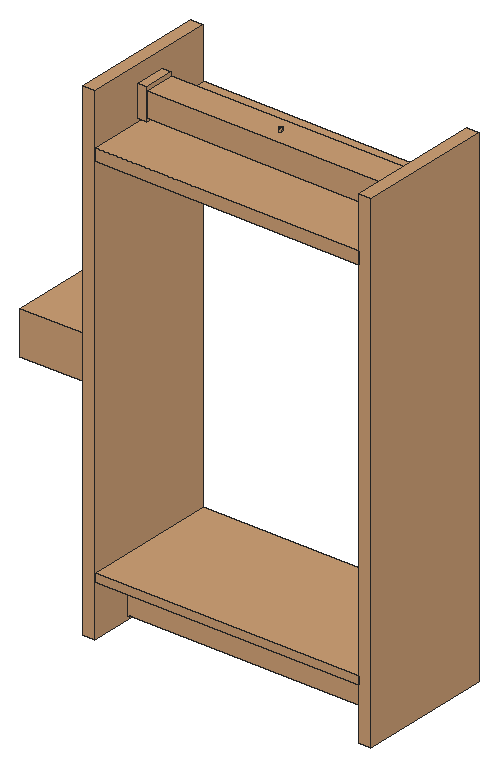
Revit family
Parameters
  Center of Unit = 0' - 0"  # constant formula
  Total Heating Capacity [instance] = 0.0 Btu/h
  Series = "VIFB"
  Outlet Area = 17.90 SF
  Lower Frame Thickness = if(Headers Height = 0' 3", 0' 1 1/4", if(Headers Height = 0' 3 1/4", 0' 1 1/4", 0' 0"))  # 0' - 1 1/4"
  Water Pressure Drop [instance] = 0.00 psi
  Water Flow [instance] = 0 GPM
  Unit Weight (lbs) = 614
  URL = "http://www.ljwing.com/"
  Water Outlet Radius = 0' - 1 1/2"
  Headers Height = if(M = 0' 1", 0' 3", if(M = 0' 1 1/2", 0' 3 1/4", 0' 0"))  # 0' - 3"
  Number of Rows = 2  # constant formula
  Number of Coils [instance] = 0
  Nominal Length = 3' - 10 7/8"
  N = 1' - 0 3/4"
  Model = "VD-4W"
  Manufacturer = "LJ Wing"
  M = 0' - 1"
  Leaving Water Temperature [instance] = 0 °F
  Leaving Air Temperature [instance] = 0 °F
  Entering Water Temperature [instance] = 0 °F
  Entering Air Temperature [instance] = 0 °F
  Description = "Vertical Integral Face & Bypass Water Heating Coils"
  Hot Water Inlet  Radius = 0' - 1 1/2"
  Coil Face Area = Outlet Area * 0.56  # 10.024 SF
  Casing Material = ""
  Assembly Code = "D3020300"
  Air Vent Radius = 0' - 0 1/4"
  Air Pressure Drop [instance] = 0.00 in-wg
  Air Inlet Width = Nominal Length - 0' 4"  # 3' - 6 7/8"
  Air Inlet Height = Y  # 5' - 0"
  Air Flow [instance] = 0 CFM
  Y = 5' - 0"
  S = 0' - 9 3/4"  # constant formula
  Product URL = "http://www.ljwing.com/html/vifb.asp"
  OmniClass = "23-75 70 21 14 "
  Nominal Height = 6' - 8"
  Nominal Depth = 1' - 10"
  R = 0' - 10 1/4"  # constant formula
  Q = 0' - 5 7/16"
Reference planes (in)
  plane 1 "Center (Front/Back)": y = 0
  plane 2: z = -30
  plane 3 "Center (Left/Right)": x = 0
  plane 4: z = 40.25
  plane 5: x = -23.4375
  plane 6: x = 23.4375
  plane 7: z = -39.75
  plane 8: z = 0
  plane 9: y = -11
  plane 10: y = 11
  plane 11: z = 30
  plane 12: z = 32
  plane 13: z = -31.25
  plane 14: x = 21.4375
  plane 15: x = -21.4375
  plane 16: x = -18
  plane 17: x = 18
  plane 18: y = 14.0625
  plane 19: x = -34.4375
  plane 20: z = 37.125
  plane 21: z = 33.125
  plane 22: y = -2.5
  plane 23: y = 2.5
  plane 24: y = -4.5
  plane 25: z = -37.375
  plane 26: x = -10.6875
  plane 27: x = 10.6875
  plane 28: z = -33.375
Forms (in)
  Extrusion 1, solid, material "Painted Finish"
    sketch origin (0, 6, -9.75) x (1, 0, 0) y (0, 0, 1)
      loop
        line (-23.4375, -30) -> (-21.4375, -30) -> (-21.4375, 50) -> (-23.4375, 50) -> (-23.4375, -30)
      loop
        line (23.4375, -30) -> (23.4375, 50) -> (21.4375, 50) -> (21.4375, -30) -> (23.4375, -30)
    from -5 to 17
  Extrusion 2, solid, material "Painted Finish"
    sketch origin (0, 6, 0) x (1, 0, 0) y (0, 0, 1)
      loop
        line (21.4375, -30) -> (-21.4375, -30) -> (-21.4375, -31.25) -> (21.4375, -31.25) -> (21.4375, -30)
      loop
        line (21.4375, 30) -> (21.4375, 32) -> (-21.4375, 32) -> (-21.4375, 30) -> (21.4375, 30)
    from -5 to 17
  Extrusion 3, solid, material "Painted Finish"
    sketch origin (0, 10, -0.5) x (1, 0, 0) y (0, 0, 1)
      loop
        line (-23.4375, 4) -> (-34.4375, 4) -> (-34.4375, -3) -> (-23.4375, -3) -> (-23.4375, 4)
    from 0 to 20
  Extrusion 4, solid, material "Painted Finish"
    sketch origin (0, 6, 0) x (1, 0, 0) y (0, 0, 1)
      loop
        line (-19.8125, 37.125) -> (-19.8125, 33.125) -> (19.8125, 33.125) -> (19.8125, 37.125) -> (-19.8125, 37.125)
    from 3.5 to 8.5
  Extrusion 5, solid, material "Painted Finish"
    sketch origin (0, 0, 0) x (1, 0, 0) y (0, 0, 1)
      loop
        line (-19.8125, 32.625) -> (-19.8125, 37.625) -> (-21.4375, 37.625) -> (-21.4375, 32.625) -> (-19.8125, 32.625)
      loop
        line (21.4375, 32.625) -> (21.4375, 37.625) -> (19.8125, 37.625) -> (19.8125, 32.625) -> (21.4375, 32.625)
    from -2.5 to 2.5
  Extrusion 6, solid, material "Painted Finish"
    sketch origin (0, 6, 0) x (1, 0, 0) y (0, 0, 1)
      loop
        line (-20.9375, -31.875) -> (-20.9375, -31.625) -> (-21.4375, -31.625) -> (-21.4375, -35.125) -> (-20.9375, -35.125) -> (-20.9375, -34.875) -> (20.9375, -34.875) -> (20.9375, -35.125) -> (21.4375, -35.125) -> (21.4375, -31.625) -> (20.9375, -31.625) -> (20.9375, -31.875) -> (-20.9375, -31.875)
      loop
        line (20.9375, -38.875) -> (20.9375, -39.125) -> (21.4375, -39.125) -> (21.4375, -35.625) -> (20.9375, -35.625) -> (20.9375, -35.875) -> (-20.9375, -35.875) -> (-20.9375, -35.625) -> (-21.4375, -35.625) -> (-21.4375, -39.125) -> (-20.9375, -39.125) -> (-20.9375, -38.875) -> (20.9375, -38.875)
    from -5 to 10.5
  Extrusion 7, void
    sketch origin (0, 0, 0) x (1, 0, 0) y (0, 0, 1)
      loop
        line (-21.4375, 30) -> (-21.4375, -30) -> (21.4375, -30) -> (21.4375, 30) -> (-21.4375, 30)
    from -11 to 11
  Extrusion 8, solid, material "Painted Finish"
    sketch origin (0, 0, 0) x (1, 0, 0) y (0, 0, 1)
      loop
        circle (10.6875, -37.375) r 1
      loop
        circle (-10.6875, -33.375) r 1
    from -14.0625 to -11
  Extrusion 9, solid, material "Painted Finish"
    sketch origin (0, 0, 0) x (1, 0, 0) y (0, 1, 0)
      loop
        circle (0, 0) r 0.25
    from 37.125 to 37.625
Cuts and joins
  Extrusion 7 cuts Extrusion 1
  Extrusion 7 cuts Extrusion 2
Dimensions and locks (in)
  "Nominal Length": plane 6 to plane 5
  equal spacing: plane 6, plane 3 "Center (Left/Right)", plane 5
  "S": plane 2 to plane 7
  "Nominal Depth": plane 10 to plane 9
  equal spacing: plane 10, plane 1 "Center (Front/Back)", plane 9
  "Y": plane 11 to plane 2
  "R": plane 4 to plane 11
  locked: plane 12 to plane 11 at 2
  "Lower Frame Thickness": plane 2 to plane 13
  "Q": plane 16 to plane 5
  "Q": plane 6 to plane 17
  locked: plane 18 to plane 10 at 3.0625
  locked: plane 5 to plane 19 at 11
  locked: Extrusion 3 sketch curve to Extrusion 3 sketch curve at 7
  locked: Extrusion 3 to Extrusion 3 at 20
  locked: plane 6 to plane 14 at 2
  locked: plane 15 to plane 5 at 2
  locked: Extrusion 5 sketch curve to plane 20 at 0.5
  locked: plane 21 to Extrusion 5 sketch curve at 0.5
  locked: plane 20 to plane 21 at 4
  locked: plane 23 to plane 22 at 5
  equal spacing: plane 23, plane 1 "Center (Front/Back)", plane 22
  locked: plane 22 to plane 24 at 2
  plane 4 to plane 7 = 6' - 8"
  locked: Extrusion 5 sketch curve to Extrusion 1 at 1.625
  locked: Extrusion 5 sketch curve to Extrusion 5 sketch curve at 1.625
  locked: Extrusion 7 sketch curve to plane 11 at 0
  locked: Extrusion 7 sketch curve to plane 15 at 0
  locked: Extrusion 7 sketch curve to plane 14 at 0
  locked: plane 15 to Extrusion 6 sketch curve at 0.5
  locked: Extrusion 6 sketch curve to Extrusion 6 sketch curve at 0.25  (x2)
  locked: plane 25 to plane 7 at 2.375
  "N": plane 26 to plane 5
  "N": plane 6 to plane 27
  locked: plane 28 to plane 7 at 6.375
  "Headers Height": Extrusion 6 sketch curve to Extrusion 6 sketch curve  (x2)
  locked: Extrusion 8 sketch curve to plane 25 at 0
  locked: Extrusion 8 sketch curve to plane 28 at 0
  locked: Extrusion 9 sketch curve to plane 1 "Center (Front/Back)" at 0
  locked: Extrusion 9 sketch curve to plane 3 "Center (Left/Right)" at 0
  equal spacing: Extrusion 6 sketch curve, plane 28, Extrusion 6 sketch curve
  equal spacing: Extrusion 6 sketch curve, plane 25, Extrusion 6 sketch curve
  locked: plane 4 to plane 20 at 3.125
  locked: Extrusion 7 sketch curve to plane 2 at 0
  equal spacing: plane 11, plane 8, plane 2
  locked: Extrusion 8 sketch curve to plane 27 at 0
  locked: Extrusion 8 sketch curve to plane 26 at 0
  "M": radius of Extrusion 8 sketch curve  (x2)
  "Air Vent Radius": radius of Extrusion 9 sketch curve
  aligned and locked: Extrusion 1 to plane 9
  aligned and locked: Extrusion 1 to plane 10
  aligned and locked: Extrusion 1 to plane 15
  aligned and locked: Extrusion 1 to plane 14
  aligned and locked: Extrusion 2 to plane 9
  aligned and locked: plane 9 to Extrusion 1
  aligned and locked: plane 10 to Extrusion 1  (x2)
  aligned and locked: Extrusion 2 to plane 10
  aligned and locked: plane 10 to Extrusion 2  (x2)
  aligned and locked: plane 9 to Extrusion 2  (x2)
  aligned and locked: plane 5 to Extrusion 3
  aligned and locked: Extrusion 5 sketch curve to plane 15
  aligned and locked: Extrusion 5 sketch curve to Extrusion 4
  aligned and locked: Extrusion 1 to Extrusion 6
  aligned and locked: plane 22 to Extrusion 5
  aligned and locked: Extrusion 5 to Extrusion 4  (x2)
  aligned and locked: Extrusion 5 to plane 23
  aligned and locked: Extrusion 6 to plane 24
  aligned and locked: Extrusion 4 to Extrusion 5  (x2)
  aligned and locked: Extrusion 5 to Extrusion 1  (x2)
  aligned and locked: Extrusion 1 to Extrusion 7  (x2)
  aligned and locked: plane 18 to Extrusion 8
  aligned and locked: Extrusion 8 to plane 10
  aligned and locked: plane 20 to Extrusion 9
  aligned and locked: Extrusion 9 to Extrusion 5
  aligned and locked: plane 2 to cut or joined group of Extrusion 2, Extrusion 7
  aligned and locked: Extrusion 1 sketch curve to plane 6
  aligned and locked: Extrusion 1 sketch curve to plane 14
  aligned and locked: Extrusion 1 sketch curve to plane 15
  aligned and locked: Extrusion 1 sketch curve to plane 5
  aligned and locked: Extrusion 1 sketch curve to plane 4  (x2)
  aligned and locked: plane 7 to Extrusion 1 sketch curve  (x2)
  aligned and locked: Extrusion 2 sketch curve to plane 11
  aligned and locked: Extrusion 2 sketch curve to plane 12
  aligned and locked: plane 2 to Extrusion 2 sketch curve
  aligned and locked: Extrusion 2 sketch curve to plane 13
  aligned and locked: Extrusion 2 sketch curve to plane 14  (x2)
  aligned and locked: Extrusion 2 sketch curve to plane 15  (x2)
  aligned and locked: plane 20 to Extrusion 4 sketch curve
  aligned and locked: Extrusion 4 sketch curve to plane 21
  aligned and locked: plane 14 to Extrusion 6 sketch curve
  aligned and locked: Extrusion 6 sketch curve to plane 14
  aligned and locked: Extrusion 6 sketch curve to plane 15  (x2)
Automatic sketch dimensions
  Extrusion 3 sketch curve to plane 19 = 0' - 0"
  Extrusion 3 sketch curve to plane 5 = 0' - 0"
  plane 8 to Extrusion 3 sketch curve = 0' - 3 1/2"
  Extrusion 4 sketch curve to plane 16 = 0' - 1 13/16"
  plane 17 to Extrusion 4 sketch curve = 0' - 1 13/16"
  plane 21 to Extrusion 5 sketch curve = 0' - 0 1/2"
  Extrusion 5 sketch curve to plane 20 = 0' - 0 1/2"
  plane 15 to Extrusion 6 sketch curve = 0' - 0 1/2"  (x2)
  Extrusion 6 sketch curve to Extrusion 6 sketch curve = 0' - 0 1/4"  (x5)
  Extrusion 6 sketch curve to Extrusion 6 sketch curve = 0' - 0"  (x2)
  Extrusion 6 sketch curve to plane 14 = 0' - 0 1/2"  (x2)
  Extrusion 6 sketch curve to Extrusion 6 sketch curve = 0' - 0 1/2"
  Extrusion 6 sketch curve to plane 7 = 0' - 0 5/8"
Connectors (in)
  hvac at (0, -11, 0), driven by "Air Inlet Height", driven by "Air Inlet Width", driven by "Air Flow", driven by "Air Pressure Drop"
    settings: on Extrusion 7, index 1
  hvac at (0, 11, 0), driven by "Air Pressure Drop", driven by "Air Inlet Height", driven by "Air Inlet Width", driven by "Air Flow"
    settings: on Extrusion 7, index 2
  piping at (-10.6875, 14.0625, -33.375), driven by "M", driven by "Water Flow", driven by "Water Pressure Drop"
    settings: on Extrusion 8, index 4
  piping at (10.6875, 14.0625, -37.375), driven by "Water Pressure Drop", driven by "Water Flow", driven by "M"
    settings: on Extrusion 8, index 5
